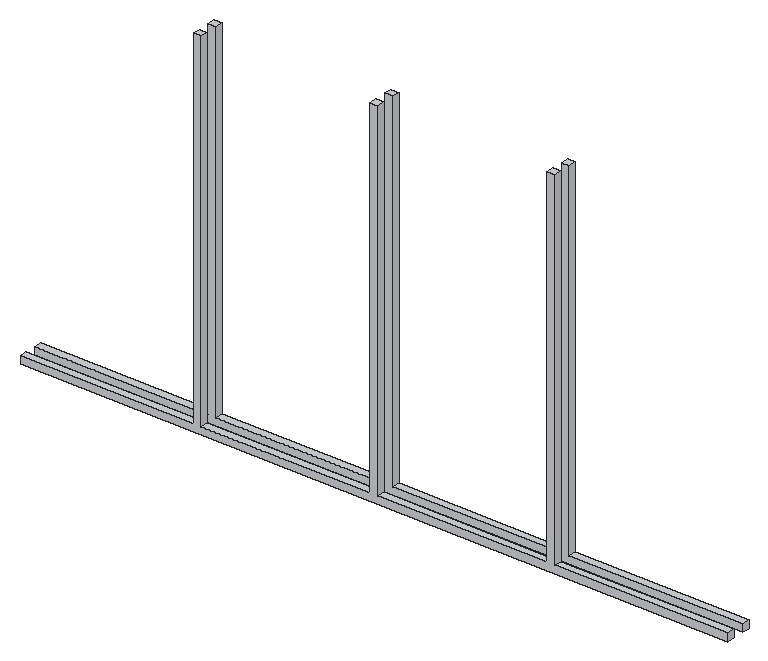
Revit family "M_Padrão do montante_fracional_1x4", category Modelos genéricos, Revit 2019
Family settings
  Pode hospedar o vergalhão = Não
  Cota do conector redondo = Utilizar diâmetro
  Tipo de parte = Normal
  Com base no plano de trabalho = Não
  Sempre na vertical = Sim
  Corte com vazios quando carregada = Não
  Compartilhado = Sim
  Ponto de cálculo do ambiente = Não
Parameters
  Largura [instance] = 1200 mm
  Espessura = 12.7 mm
  Altura [instance] = 1200 mm
  Material interior [instance] = none
  Material externo [instance] = none
  Distância = 19.05 mm
Reference planes
  plane 1 "Centro (Frente/Trás)": y = 0
  plane 2: z = 0
  plane 3 "Centro (Esquerda/Direita)": x = 0
  plane 4: z = 1200
  plane 5: x = -600
  plane 6: x = 600
  plane 7 "a": y = 9.525
  plane 8 "b": y = -9.525
  plane 9: z = 600
  plane 10: x = -300
  plane 11: x = -306.35
  plane 12: x = -293.65
  plane 13: x = 0
  plane 14: x = -6.35
  plane 15: x = 6.35
  plane 16: x = 300
  plane 17: x = 293.65
  plane 18: x = 306.35
  plane 19: z = 606.35
  plane 20: z = 593.65
  plane 21: y = 22.225
  plane 22: y = -22.225
Forms (mm)
  Extrusion 1, solid, material <- "Material externo", detail levels fine
    sketch origin (0, 0, 0) x (1, 0, 0) y (0, 0, 1)
      loop
        line (-600, 606.35) -> (-600, 593.65) -> (600, 593.65) -> (600, 606.35) -> (306.35, 606.35) -> (306.35, 1200) -> (293.65, 1200) -> (293.65, 606.35) -> (6.35, 606.35) -> (6.35, 1200) -> (-6.35, 1200) -> (-6.35, 606.35) -> (-293.65, 606.35) -> (-293.65, 1200) -> (-306.35, 1200) -> (-306.35, 606.35) -> (-600, 606.35)
    from -22.225 to -9.525
  Extrusion 2, solid, material <- "Material interior", detail levels fine
    sketch origin (0, 0, 0) x (1, 0, 0) y (0, 0, -1)
      loop
        line (-600, -606.35) -> (-306.35, -606.35) -> (-306.35, -1200) -> (-293.65, -1200) -> (-293.65, -606.35) -> (-6.35, -606.35) -> (-6.35, -1200) -> (6.35, -1200) -> (6.35, -606.35) -> (293.65, -606.35) -> (293.65, -1200) -> (306.35, -1200) -> (306.35, -606.35) -> (600, -606.35) -> (600, -593.65) -> (-600, -593.65) -> (-600, -606.35)
    from -22.225 to -9.525
Lines and regions (mm)
  model lines, detail levels medium
    curve 1: line (-600, 9.525, 600) -> (600, 9.525, 600)
    curve 5: line (-600, -9.525, 600) -> (600, -9.525, 600)
  model lines, style "GenericModel", detail levels medium
    curve 2: line (-300, 9.525, 1200) -> (-300, 9.525, 600)
    curve 3: line (0, 9.525, 1200) -> (0, 9.525, 600)
    curve 4: line (300, 9.525, 1200) -> (300, 9.525, 600)
    curve 6: line (-300, -9.525, 1200) -> (-300, -9.525, 600)
    curve 7: line (0, -9.525, 1200) -> (0, -9.525, 600)
    curve 8: line (300, -9.525, 1200) -> (300, -9.525, 600)
Dimensions and locks
  equal spacing: plane 6, plane 3 "Centro (Esquerda/Direita)", plane 5
  "Largura": plane 6 to plane 5
  "Altura": plane 4 to plane 2
  equal spacing: plane 7 "a", plane 1 "Centro (Frente/Trás)", plane 8 "b"
  "Distância": plane 7 "a" to plane 8 "b"
  plane 12 to plane 10 to plane 11 = 6.35 mm locked, 6.35 mm locked
  locked: plane 14 to plane 13 at 6.35
  locked: plane 15 to plane 13 at 6.35
  locked: plane 18 to plane 16 at 6.35
  locked: plane 16 to plane 17 at 6.35
  equal spacing: plane 6, plane 16, plane 13, plane 10, plane 5
  locked: plane 19 to plane 9 at 6.35
  locked: plane 9 to plane 20 at 6.35
  equal spacing: plane 4, plane 9, plane 2
  "Espessura": plane 21 to plane 7 "a"
  "Espessura": plane 8 "b" to plane 22
  aligned and locked: plane 2 to level
  aligned and locked: plane 5 to curve 1
  aligned and locked: plane 6 to curve 1
  aligned and locked: curve 1 to plane 9
  aligned and locked: curve 2 to plane 10
  aligned and locked: curve 3 to plane 13
  aligned and locked: curve 4 to plane 16
  aligned and locked: Extrusion 1 sketch curve to plane 19  (x2)
  aligned and locked: Extrusion 1 sketch curve to plane 20
  aligned and locked: Extrusion 1 sketch curve to plane 5
  aligned and locked: Extrusion 1 sketch curve to plane 11
  aligned and locked: Extrusion 1 sketch curve to plane 12
  aligned and locked: Extrusion 1 sketch curve to plane 14
  aligned and locked: Extrusion 1 sketch curve to plane 15
  aligned and locked: Extrusion 1 sketch curve to plane 4
  aligned and locked: Extrusion 1 sketch curve to plane 17
  aligned and locked: Extrusion 1 sketch curve to plane 18
  aligned and locked: Extrusion 1 sketch curve to plane 6
  aligned and locked: Extrusion 1 to plane 7 "a"
  aligned and locked: Extrusion 1 to plane 21  (x3)
  aligned and locked: plane 5 to curve 5
  aligned and locked: plane 6 to curve 5
  aligned and locked: Extrusion 2 to plane 5  (x2)
  aligned and locked: plane 8 "b" to Extrusion 2
  aligned and locked: Extrusion 2 to plane 22
  aligned and locked: plane 6 to Extrusion 2  (x2)
  aligned and locked: plane 19 to Extrusion 2  (x5)
  aligned and locked: Extrusion 2 to plane 20  (x2)
  aligned and locked: Extrusion 2 to plane 8 "b"  (x2)
  aligned and locked: plane 22 to Extrusion 2  (x2)
  aligned and locked: Extrusion 1 to plane 20
  aligned and locked: plane 19 to Extrusion 1  (x2)
  aligned and locked: plane 7 "a" to Extrusion 1  (x2)
  aligned and locked: plane 20 to Extrusion 1
  aligned and locked: plane 20 to Extrusion 2
Automatic sketch dimensions
  Extrusion 1 sketch curve to plane 19 = 0 mm  (x2)
  Extrusion 1 sketch curve to plane 4 = 0 mm  (x2)
  curve 4 to plane 4 = 0 mm
  curve 3 to plane 4 = 0 mm
  curve 2 to plane 4 = 0 mm
  Extrusion 2 sketch curve to plane 5 = 0 mm
  Extrusion 2 sketch curve to plane 11 = 0 mm
  Extrusion 2 sketch curve to plane 12 = 0 mm
  Extrusion 2 sketch curve to plane 14 = 0 mm
  Extrusion 2 sketch curve to plane 15 = 0 mm
  Extrusion 2 sketch curve to plane 4 = 0 mm  (x3)
  Extrusion 2 sketch curve to plane 17 = 0 mm
  Extrusion 2 sketch curve to plane 18 = 0 mm
  Extrusion 2 sketch curve to plane 6 = 0 mm
  Extrusion 2 sketch curve to plane 19 = 0 mm  (x4)
  Extrusion 2 sketch curve to plane 20 = 0 mm
  curve 5 to plane 6 = 0 mm
  curve 5 to plane 5 = 0 mm
  curve 8 to plane 4 = 0 mm
  curve 8 to plane 16 = 0 mm
  curve 7 to plane 3 "Centro (Esquerda/Direita)" = 0 mm
  curve 7 to plane 4 = 0 mm
  curve 6 to plane 9 = 0 mm
  curve 6 to plane 10 = 0 mm
  curve 6 to plane 4 = 0 mm
